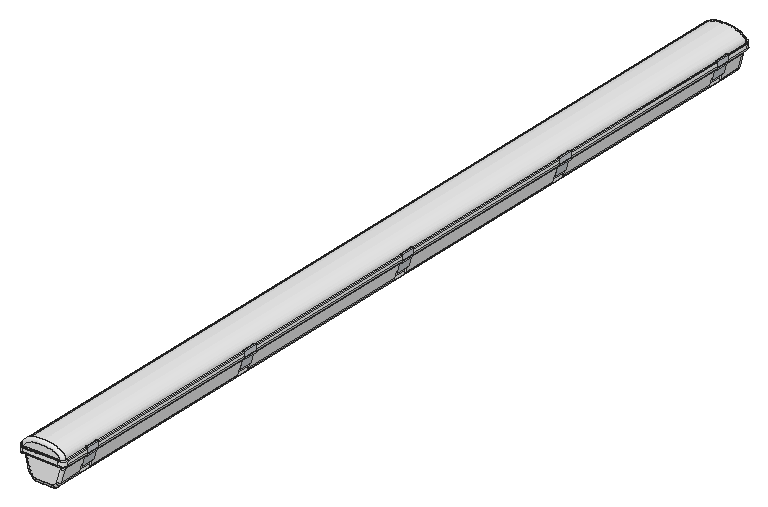
Revit family "0067959 Sylvania Lighting Fixture START Waterproof Single 1500 IP65 DALI 4000lm 840", category Lighting Fixtures, host Face, Revit 2016
Family settings
  Host = Face
  Part Type = Normal
  Round Connector Dimension = Use Diameter
  OmniClass Number = 23.80.70.11.14
  OmniClass Title = General Luminaries, Directional
  Cut with Voids When Loaded = No
  Light Source = Yes
  Shared = No
  Room Calculation Point = No
Parameters (values of type "0067959 ST WTRPRF S 1500 IP65 DALI 4000LM 840")
  Width = 84 mm
  Weight = "kg"
  Wattage Comments = "n/a"
  Wattage = 33 W
  WarrantyStartDate [instance] = "n/a"
  WarrantyGuarantorParts = "n/a"
  WarrantyDurationUnit = "n/a"
  WarrantyDurationParts = "n/a"
  WarrantyDescription = "n/a"
  built-in parameter 1150110 = 1 (stored number, unit not read)
  Voltage = 0 V
  URL = "http://www.sylvania-lighting.com"
  TypeName = "START Waterproof Single 1500 IP65 DALI 4000lm 840"
  Type Image = <None>
  Type Comments = "n/a"
  built-in parameter 1114217 = 1 (stored number, unit not read)
  Tilt Angle = -90.00°
  built-in parameter 1150109 = 1 (stored number, unit not read)
  built-in parameter 1150134 = 12
  built-in parameter 1150113 = 1 (stored number, unit not read)
  SerialNumber [instance] = "n/a"
  ReflectorMaterial = none
  PowerFactor = 0
  PowerConsumption = "33 W"
  Photometric Web File = "0067959.ies"
  NominalWidth = 0 mm
  NominalLength = 1578 mm
  NominalHeight = 75 mm
  Name = "START Waterproof Single 1500 IP65 DALI 4000lm 840"
  ModelReference = "START Waterproof Single 1500 IP65 DALI 4000lm 840"
  ModelNumber = "0067959"
  Model = "START Waterproof Single 1500 IP65 DALI 4000lm 840"
  Material = "polycarbonate housing, polycarbonate diffuser"
  ManufacturerName = "Feilo Sylvania"
  Manufacturer = "Feilo Sylvania"
  LuminousEfficacy = "119 lm/W"
  built-in parameter 1150105 = 312.5 (stored number, unit not read)
  Lumens = 3927 lm
  LuminaireType = ""
  built-in parameter 1150115 = 1 (stored number, unit not read)
  LightOutputRatio = "n/a"
  built-in parameter 1150137 = (empty or 0)
  built-in parameter 1150139 = (empty or 0)
  Length = 1572 mm
  LampsType = Lamp  # "LED"
  LampNominalLuminous = "3950 lm"
  LampMacAdamStep = "n/a"
  LampColourTemperature = "4000 K"
  LampColourRenderingIndex = "80"
  built-in parameter 1150112 = 1 (stored number, unit not read)
  built-in parameter 1150114 = 1 (stored number, unit not read)
  Lamp = "LED"
  Keynote = "16500"
  InstallationDate [instance] = "n/a"
  InputVoltage = "n/a"
  InputNominalFrequency = "n/a"
  built-in parameter 1150132 = (empty or 0)
  built-in parameter 1150102 = (empty or 0)
  built-in parameter 1150107 = 4000 (stored number, unit not read)
  built-in parameter 1150138 = (empty or 0)
  IngressProtection = "IP65"
  ImpactProtectionIndex = "IK08"
  built-in parameter 1150106 = 3.125 (stored number, unit not read)
  IfcExportType = "IfcLightFixtureType"
  IfcExportAs = "IfcLightFixtureType"
  ExpectedLife = 50000
  Emit from Rectangle Width = Width - 20 mm  # 64 mm
  Emit from Rectangle Length = Length - 20 mm  # 1552 mm
  Emit Shape Visible in Rendering = no
  ElectricShockClassification = "Class I"
  built-in parameter 1150104 = 11.055 (stored number, unit not read)
  DurationUnit = "hours"
  DocumentationLiterature = "http://www.sylvania-lighting.com/product/en-int/products/0067959"
  DimmingControlOptions = "n/a"
  Dimming Lamp Color Temperature Shift = <None>
  DiffuserMaterial = Diffuser-Sylvania-Transparent
  Description = ""
  Default Elevation = 1219.2 mm
  CreatedOn = "11/27/2018"
  CreatedBy = "@sylvania-lighting.com"
  Cost = 0
  Color Filter = 16777215
  built-in parameter 1114216 [instance] = (empty or 0)
  ClassificationValue = "EF_70_80"
  ClassificationName = "Uniclass2015"
  BodyMaterial = Body-Sylvania-Gray
  BarCode [instance] = "n/a"
  built-in parameter 1114218 = 1 (stored number, unit not read)
  built-in parameter 1150133 = 10 (stored number, unit not read)
  AssetType = "Fixed"
  AssetIdentifier [instance] = "n/a"
  Assembly Code = "D5020200"
  Apparent Load = 33 VA
  AccessoryMaterial = Diffuser-Sylvania-Glow
Reference planes
  plane 1 "Center (Front/Back)": y = 0
  plane 2: z = 0
  plane 3 "Center (Left/Right)": x = 0
  plane 4: z = 54
  plane 5: x = -14.7
  plane 6: x = -21.8
  plane 7: x = -26.6
  plane 8: x = -29.2
  plane 9: z = 3
  plane 10: z = 7.8
  plane 11: z = 12.3
  plane 12: z = 36.6
  plane 13: z = 42.8
  plane 14: x = -38.1
  plane 15: z = 46.2
  plane 16: x = -42
  plane 17: y = 786
  plane 18: y = -786
  plane 19: x = 14.7
  plane 20: x = 21.8
  plane 21: x = 26.6
  plane 22: x = 29.2
  plane 23: x = 38.1
  plane 24: x = 42
  plane 25: y = 778.4
  plane 26: y = -778.4
  plane 27: y = -774.7
  plane 28: y = 774.7
  plane 29: z = 74
  plane 30: x = -38.5
  plane 31: x = 38.5
  plane 32: z = 55.2
  plane 33: y = -782.5
  plane 34: y = 782.5
  plane 35: x = -24.5
  plane 36: x = 24.5
  plane 37: x = -35.7
  plane 38: x = 35.7
  plane 39: z = 50.2
  plane 40: z = 24.6
  plane 41: y = -720
  plane 42: y = -734
  plane 43: y = -706
  plane 44: y = 720
  plane 45: y = -720
  plane 46: y = -734
  plane 47: y = -706
  plane 48: y = 720
  plane 49: y = 706
  plane 50: y = 734
  plane 51: y = -360
  plane 52: y = -374
  plane 53: y = -346
  plane 54: y = 0
  plane 55: y = -14
  plane 56: y = 14
  plane 57: y = 360
  plane 58: y = 346
  plane 59: y = 374
Forms (mm)
  Sweep 1, solid, material "Body-Sylvania-Gray" <- "BodyMaterial", detail levels medium+fine
    path origin (1223.4, -4572, 54) x (0, -1, 0) y (1, 0, 0)
      loop
        arc (-3796, -1265.4) -> (-3788.929, -1262.471) -> (-3786, -1255.4) r 10
        line (-3786, -1255.4) -> (-3786, -1191.4)
        arc (-3786, -1191.4) -> (-3788.929, -1184.329) -> (-3796, -1181.4) r 10
        line (-3796, -1181.4) -> (-5348, -1181.4)
        arc (-5348, -1181.4) -> (-5355.071, -1184.329) -> (-5358, -1191.4) r 10
        line (-5358, -1191.4) -> (-5358, -1255.4)
        arc (-5358, -1255.4) -> (-5355.071, -1262.471) -> (-5348, -1265.4) r 10
        line (-5348, -1265.4) -> (-3796, -1265.4)
    profile origin (-42, 0, 54) x (-1, 0, 0) y (0, 0, 1)
      loop
        line (0, 0) -> (-1, 0) -> (-1, -7.726)
        arc (-1, -7.726) -> (-1.994, -9.498) -> (-3.9, -10.2) r 2.937
        line (-3.9, -10.2) -> (-8.571, -10.2) -> (-8.571, -11.2) -> (-3.9, -11.2)
        arc (-3.9, -11.2) -> (-1.313, -10.231) -> (0, -7.8) r 3.937
        line (0, -7.8) -> (0, 0)
  Sweep 2, solid, material "Body-Sylvania-Gray" <- "BodyMaterial", detail levels medium+fine
    path origin (0, 0, 0) x (1, 0, 0) y (0, 0, 1)
      loop
        line (35.7, 42.8) -> (35.7, 36.6) -> (29.203, 12.31)
        arc (29.203, 12.31) -> (28.199, 9.884) -> (26.6, 7.8) r 10.052
        line (26.6, 7.8) -> (21.8, 3)
        arc (21.8, 3) -> (18.554, 0.781) -> (14.7, 0) r 9.902
        line (14.7, 0) -> (0, 0) -> (-14.7, 0)
        arc (-14.7, 0) -> (-18.554, 0.781) -> (-21.8, 3) r 9.902
        line (-21.8, 3) -> (-26.6, 7.8)
        arc (-26.6, 7.8) -> (-28.199, 9.884) -> (-29.203, 12.31) r 10.052
        line (-29.203, 12.31) -> (-35.7, 36.6) -> (-35.7, 42.8)
    profile origin (0, 0, 0) x (0, 0, -1) y (0, -1, 0)
      loop
        arc (0, 773.4) -> (-1.464, 776.936) -> (-5, 778.4) r 5
        line (-5, 778.4) -> (-7.8, 778.4) -> (-7.8, -778.4) -> (-5, -778.4)
        arc (-5, -778.4) -> (-1.464, -776.936) -> (0, -773.4) r 5
        line (0, -773.4) -> (0, 773.4)
  Extrusion 3, solid, material "Body-Sylvania-Gray" <- "BodyMaterial", detail levels medium+fine
    sketch origin (1524, 778.4, 1219.2) x (1, 0, 0) y (0, 0, 1)
      loop
        arc (-1545.668, -1204.874) -> (-1545.443, -1205.418) -> (-1545.085, -1205.885) r 2.252
        line (-1545.085, -1205.885) -> (-1540.231, -1210.738)
        arc (-1540.231, -1210.738) -> (-1539.534, -1211.227) -> (-1538.7, -1211.4) r 2.102
        line (-1538.7, -1211.4) -> (-1509.3, -1211.4)
        arc (-1509.3, -1211.4) -> (-1508.466, -1211.227) -> (-1507.769, -1210.738) r 2.102
        line (-1507.769, -1210.738) -> (-1502.915, -1205.885)
        arc (-1502.915, -1205.885) -> (-1502.557, -1205.418) -> (-1502.332, -1204.874) r 2.252
        line (-1502.332, -1204.874) -> (-1496.1, -1181.575) -> (-1496.1, -1176.4) -> (-1551.9, -1176.4) -> (-1551.9, -1181.575) -> (-1545.668, -1204.874)
    from 0 to 1556.8
  Sweep 4, solid, material "Diffuser-Sylvania-Transparent" <- "DiffuserMaterial", detail levels medium+fine
    path origin (0, 0, 0) x (1, 0, 0) y (0, 0, 1)
      loop
        spline (-38.5, 55.2) -> (-37.188, 60.066) -> (-33.342, 64.6) -> (-27.224, 68.494) -> (-19.25, 71.481) -> (-9.965, 73.359) -> (0, 74) -> (9.965, 73.359) -> (19.25, 71.481) -> (27.224, 68.494) -> (33.342, 64.6) -> (37.188, 60.066) -> (38.5, 55.2)
    profile origin (38.5, 0, 55.2) x (0, -1, 0) y (1, 0, 0)
      loop
        arc (782.5, -5.5) -> (780.889, -1.611) -> (777, 0) r 5.5
        line (777, 0) -> (-777, 0)
        arc (-777, 0) -> (-780.889, -1.611) -> (-782.5, -5.5) r 5.5
        line (-782.5, -5.5) -> (-782.5, -6.3) -> (-781.5, -6.3) -> (-781.5, -5.5)
        arc (-781.5, -5.5) -> (-780.182, -2.318) -> (-777, -1) r 4.5
        line (-777, -1) -> (777, -1)
        arc (777, -1) -> (780.182, -2.318) -> (781.5, -5.5) r 4.5
        line (781.5, -5.5) -> (781.5, -6.347) -> (782.5, -6.347) -> (782.5, -5.5)
  Extrusion 5, solid, material "Diffuser-Sylvania-Transparent" <- "DiffuserMaterial", detail levels medium+fine
    sketch origin (1524, -782.5, 1219.2) x (1, 0, 0) y (0, 0, 1)
      loop
        line (-1556.653, -1164) -> (-1491.347, -1164)
        spline (-1491.347, -1164) -> (-1491.939, -1161.945) -> (-1494.434, -1159.066) -> (-1499.342, -1155.96) -> (-1506.338, -1153.35) -> (-1514.799, -1151.648) -> (-1524, -1151.047) -> (-1533.201, -1151.648) -> (-1541.662, -1153.35) -> (-1548.658, -1155.96) -> (-1553.566, -1159.066) -> (-1556.061, -1161.945) -> (-1556.653, -1164)
    from 0 to -1
  Extrusion 6, solid, material "Diffuser-Sylvania-Transparent" <- "DiffuserMaterial", detail levels medium+fine
    sketch origin (1524, 782.5, 1219.2) x (1, 0, 0) y (0, 0, 1)
      loop
        spline (-1491.3, -1164) -> (-1491.898, -1161.922) -> (-1494.404, -1159.03) -> (-1499.322, -1155.918) -> (-1506.325, -1153.305) -> (-1514.793, -1151.602) -> (-1524, -1151) -> (-1533.207, -1151.602) -> (-1541.675, -1153.305) -> (-1548.678, -1155.918) -> (-1553.596, -1159.03) -> (-1556.102, -1161.922) -> (-1556.7, -1164)
        line (-1556.7, -1164) -> (-1491.3, -1164)
    from 0 to 1
  Extrusion 7, solid, material "Diffuser-Sylvania-Glow" <- "AccessoryMaterial", detail levels fine
    sketch origin (0, 0, 0) x (1, 0, 0) y (0, 0, 1)
      loop
        circle (0, 50.2) r 8
    from -774.7 to 774.7
  Extrusion 8, void
    sketch origin (0, -720, 2343.807) x (0, 0, -1) y (-1, 0, 0)
      loop
        line (2340.807, -24.5) -> (2331.507, -24.5) -> (2319.207, -29.2) -> (2319.207, -35.7) -> (2340.807, -35.7) -> (2340.807, -24.5)
      loop
        line (2340.807, 24.5) -> (2340.807, 35.7) -> (2319.207, 35.7) -> (2319.207, 29.2) -> (2331.507, 24.5) -> (2340.807, 24.5)
    from 14 to -14
  Extrusion 9, void, not visible
    sketch origin (0, -720, 2343.807) x (0, 0, -1) y (-1, 0, 0)
      loop
        line (2340.807, -24.5) -> (2331.507, -24.5) -> (2319.207, -29.2) -> (2319.207, -35.7) -> (2340.807, -35.7) -> (2340.807, -24.5)
      loop
        line (2340.807, 24.5) -> (2340.807, 35.7) -> (2319.207, 35.7) -> (2319.207, 29.2) -> (2331.507, 24.5) -> (2340.807, 24.5)
    from 14 to -14
  Extrusion 10, void
    sketch origin (0, 720, 2343.807) x (0, 0, -1) y (-1, 0, 0)
      loop
        line (2340.807, -24.5) -> (2331.507, -24.5) -> (2319.207, -29.2) -> (2319.207, -35.7) -> (2340.807, -35.7) -> (2340.807, -24.5)
      loop
        line (2340.807, 24.5) -> (2340.807, 35.7) -> (2319.207, 35.7) -> (2319.207, 29.2) -> (2331.507, 24.5) -> (2340.807, 24.5)
    from 14 to -14
  Extrusion 11, void
    sketch origin (0, -360, 2343.807) x (0, 0, -1) y (-1, 0, 0)
      loop
        line (2340.807, -24.5) -> (2331.507, -24.5) -> (2319.207, -29.2) -> (2319.207, -35.7) -> (2340.807, -35.7) -> (2340.807, -24.5)
      loop
        line (2340.807, 24.5) -> (2340.807, 35.7) -> (2319.207, 35.7) -> (2319.207, 29.2) -> (2331.507, 24.5) -> (2340.807, 24.5)
    from 14 to -14
  Extrusion 12, void
    sketch origin (0, 0, 2343.807) x (0, 0, -1) y (-1, 0, 0)
      loop
        line (2340.807, -24.5) -> (2331.507, -24.5) -> (2319.207, -29.2) -> (2319.207, -35.7) -> (2340.807, -35.7) -> (2340.807, -24.5)
      loop
        line (2340.807, 24.5) -> (2340.807, 35.7) -> (2319.207, 35.7) -> (2319.207, 29.2) -> (2331.507, 24.5) -> (2340.807, 24.5)
    from 14 to -14
  Extrusion 13, void
    sketch origin (0, 360, 2343.807) x (0, 0, -1) y (-1, 0, 0)
      loop
        line (2340.807, -24.5) -> (2331.507, -24.5) -> (2319.207, -29.2) -> (2319.207, -35.7) -> (2340.807, -35.7) -> (2340.807, -24.5)
      loop
        line (2340.807, 24.5) -> (2340.807, 35.7) -> (2319.207, 35.7) -> (2319.207, 29.2) -> (2331.507, 24.5) -> (2340.807, 24.5)
    from 14 to -14
  Extrusion 14, solid, material "Diffuser-Sylvania-Transparent" <- "DiffuserMaterial", detail levels medium+fine
    sketch origin (1223.4, -4572, 54) x (0, -1, 0) y (-1, 0, 0)
      loop
        arc (-5348, 1265.4) -> (-5355.071, 1262.471) -> (-5358, 1255.4) r 10
        line (-5358, 1255.4) -> (-5358, 1191.4)
        arc (-5358, 1191.4) -> (-5355.071, 1184.329) -> (-5348, 1181.4) r 10
        line (-5348, 1181.4) -> (-3796, 1181.4)
        arc (-3796, 1181.4) -> (-3788.929, 1184.329) -> (-3786, 1191.4) r 10
        line (-3786, 1191.4) -> (-3786, 1255.4)
        arc (-3786, 1255.4) -> (-3788.929, 1262.471) -> (-3796, 1265.4) r 10
        line (-3796, 1265.4) -> (-5348, 1265.4)
      loop
        arc (-5354.5, 1190.394) -> (-5352.887, 1186.509) -> (-5349, 1184.9) r 5.5
        line (-5349, 1184.9) -> (-3795, 1184.9)
        arc (-3795, 1184.9) -> (-3791.113, 1186.509) -> (-3789.5, 1190.394) r 5.5
        line (-3789.5, 1190.394) -> (-3789.5, 1256.406)
        arc (-3789.5, 1256.406) -> (-3791.113, 1260.291) -> (-3795, 1261.9) r 5.5
        line (-3795, 1261.9) -> (-5349, 1261.9)
        arc (-5349, 1261.9) -> (-5352.887, 1260.291) -> (-5354.5, 1256.406) r 5.5
        line (-5354.5, 1256.406) -> (-5354.5, 1190.394)
    from 0 to -1.2
  Extrusion 15, solid, material "Body-Sylvania-Gray" <- "BodyMaterial", detail levels coarse
    sketch origin (0, 0, 0) x (1, 0, 0) y (0, 0, 1)
      loop
        line (-42, 55.2) -> (-42, 42.8) -> (-26.6, 0) -> (26.6, 0) -> (42, 42.8) -> (42, 55.2) -> (-42, 55.2)
    from -786 to 786
  Extrusion 16, solid, material "Diffuser-Sylvania-Transparent" <- "DiffuserMaterial", detail levels coarse
    sketch origin (0, 0, 0) x (1, 0, 0) y (0, 0, 1)
      loop
        line (-38.5, 55.2) -> (38.5, 55.2)
        arc (38.5, 55.2) -> (0, 74) -> (-38.5, 55.2) r 48.822
    from -778.4 to 778.4
Cuts and joins
  Extrusion 8, Extrusion 10, Extrusion 11, Extrusion 12, Extrusion 13 cuts Sweep 2
  Extrusion 8, Extrusion 10, Extrusion 11, Extrusion 12, Extrusion 13 cuts Extrusion 3
  joined: Sweep 2, Extrusion 3
  joined: Sweep 4, Extrusion 5, Extrusion 6, Extrusion 14
Dimensions and locks
  locked: plane 4 to plane 2 at 54
  plane 5 to plane 6 to plane 7 to plane 8 to plane 14 to plane 16 = 7.1 mm locked, 4.8 mm locked, 2.6 mm locked, 8.9 mm locked, 3.9 mm locked
  plane 4 to plane 15 to plane 13 to plane 12 to plane 11 to plane 10 to plane 9 = 7.8 mm locked, 3.4 mm, 6.2 mm locked, 24.3 mm locked, 4.5 mm locked, 4.8 mm locked
  equal spacing: plane 18, plane 1 "Center (Front/Back)", plane 17
  "Length": plane 18 to plane 17
  plane 19 to plane 20 to plane 21 to plane 22 to plane 23 to plane 24 = 7.1 mm locked, 4.8 mm locked, 2.6 mm locked, 8.9 mm, 3.9 mm
  equal spacing: plane 24, plane 3 "Center (Left/Right)", plane 16
  "Width": plane 24 to plane 16
  equal spacing: plane 27, plane 1 "Center (Front/Back)", plane 28
  locked: plane 26 to plane 27 at 3.7
  locked: Sweep 1 sketch curve to profile plane at 1
  locked: Sweep 1 sketch curve to plane 13 at 1
  locked: Sweep 1 sketch curve to plane 13 at 3.937  (x2)
  locked: Sweep 1 sketch curve to profile plane at 3.9  (x2)
  plane 29 to plane 4 = 20 mm
  equal spacing: plane 31, plane 3 "Center (Left/Right)", plane 30
  locked: plane 30 to plane 16 at 3.5
  locked: plane 32 to plane 4 at 1.2
  equal spacing: plane 33, plane 1 "Center (Front/Back)", plane 34
  equal spacing: plane 36, plane 3 "Center (Left/Right)", plane 35
  locked: plane 34 to plane 17 at 3.5
  equal spacing: plane 38, plane 3 "Center (Left/Right)", plane 37
  locked: plane 37 to plane 16 at 6.3
  equal spacing: plane 25, plane 1 "Center (Front/Back)", plane 26
  locked: plane 17 to plane 25 at 7.6
  locked: Sweep 2 sketch curve to plane 2 at 5  (x2)
  locked: Sweep 2 sketch curve to plane 26 at 5
  locked: plane 25 to Sweep 2 sketch curve at 5
  locked: Sweep 4 sketch curve to plane 31 at 5.5  (x2)
  locked: Sweep 4 sketch curve to plane 34 at 5.5
  plane 33 to Sweep 4 sketch curve = 5.5 mm
  locked: plane 34 to Sweep 4 sketch curve at 1
  locked: Sweep 4 sketch curve to plane 31 at 1
  locked: Sweep 4 sketch curve to Sweep 4 sketch curve at 1
  locked: Sweep 4 sketch curve to plane 31 at 6.347
  locked: Sweep 4 sketch curve to plane 31 at 6.3
  locked: plane 40 to plane 2 at 24.6
  locked: plane 6 to plane 35 at 2.7
  locked: plane 1 "Center (Front/Back)" to plane 41 at 720
  plane 43 to plane 41 to plane 42 = 14 mm locked, 14 mm locked
  locked: plane 44 to plane 1 "Center (Front/Back)" at 720
  plane 47 to plane 45 to plane 46 = 14 mm locked, 14 mm locked
  plane 50 to plane 48 to plane 49 = 14 mm locked, 14 mm locked  (x2)
  equal spacing: group 1, group 6, group 7, group 8, group 5  (x3)
  plane 53 to plane 51 to plane 52 = 14 mm locked, 14 mm locked  (x2)
  plane 56 to plane 54 to plane 55 = 14 mm locked, 14 mm locked  (x2)
  plane 59 to plane 57 to plane 58 = 14 mm locked, 14 mm locked  (x2)
  plane 48 to plane 57 to plane 1 "Center (Front/Back)" to plane 51 to plane 41 = 360 mm locked, 360 mm locked, 360 mm locked, 360 mm locked
  aligned and locked: plane 2 to host face
  aligned and locked: level to host face
  aligned and locked: plane 16 to Sweep 1 sketch curve
  aligned and locked: Sweep 1 sketch curve to plane 24
  aligned and locked: plane 18 to Sweep 1 sketch curve
  aligned and locked: Sweep 1 sketch curve to plane 13
  aligned and locked: profile plane to Sweep 1 sketch curve
  aligned and locked: plane 3 "Center (Left/Right)" to Sweep 2 sketch curve
  aligned and locked: plane 9 to Sweep 2 sketch curve
  aligned and locked: plane 10 to Sweep 2 sketch curve
  aligned and locked: plane 37 to Sweep 2 sketch curve
  aligned and locked: plane 12 to Sweep 2 sketch curve
  aligned and locked: Sweep 2 sketch curve to level
  aligned and locked: plane 21 to Sweep 2 sketch curve
  aligned and locked: plane 38 to Sweep 2 sketch curve
  aligned and locked: profile plane to Sweep 2 sketch curve
  aligned and locked: plane 25 to Sweep 2 sketch curve
  aligned and locked: Sweep 2 sketch curve to plane 10
  aligned and locked: Extrusion 3 sketch curve to Sweep 2  (x7)
  aligned and locked: Sweep 2 to Extrusion 3 sketch curve
  aligned and locked: Extrusion 3 to plane 25
  aligned and locked: plane 26 to Extrusion 3
  aligned and locked: plane 32 to Sweep 4 sketch curve
  aligned and locked: plane 33 to Sweep 4 sketch curve
  aligned and locked: Sweep 4 to Extrusion 5
  aligned and locked: plane 33 to Extrusion 5
  aligned and locked: plane 39 to Extrusion 7 sketch curve
  aligned and locked: plane 27 to Extrusion 7
  aligned and locked: Extrusion 7 to plane 28
  aligned and locked: Extrusion 6 sketch curve to Sweep 4
  aligned and locked: Extrusion 5 sketch curve to Sweep 4
  aligned and locked: Extrusion 8 to plane 43
  aligned and locked: plane 42 to Extrusion 8
  aligned and locked: Extrusion 10 to plane 50
  aligned and locked: plane 49 to Extrusion 10
  aligned and locked: Extrusion 11 to plane 53
  aligned and locked: plane 52 to Extrusion 11
  aligned and locked: Extrusion 12 to plane 56
  aligned and locked: plane 55 to Extrusion 12
  aligned and locked: Extrusion 13 to plane 59
  aligned and locked: plane 58 to Extrusion 13
  aligned and locked: plane 3 "Center (Left/Right)" to Extrusion 7 sketch curve
  aligned and locked: Extrusion 14 sketch curve to Sweep 1  (x4)
  aligned and locked: Extrusion 14 to plane 32
  aligned and locked: plane 4 to Extrusion 14
  aligned and locked: plane 48 to nested 1
  aligned and locked: plane 57 to nested 2
  aligned and locked: plane 54 to nested 3
  aligned and locked: nested 4 to plane 51
  aligned and locked: nested 5 to plane 41
  aligned and locked: plane 41 to nested 10
  aligned and locked: plane 51 to nested 9
  aligned and locked: plane 54 to nested 8
  aligned and locked: plane 57 to nested 7
  aligned and locked: plane 48 to nested 6
  aligned and locked: plane 1 "Center (Front/Back)" to imposter light
  aligned and locked: plane 3 "Center (Left/Right)" to imposter light
  aligned and locked: imposter light to plane 29
  aligned and locked: plane 7 to Extrusion 15 sketch curve
  aligned and locked: plane 2 to Extrusion 15 sketch curve
  aligned and locked: Extrusion 15 sketch curve to nested 6
  aligned and locked: Extrusion 15 sketch curve to nested 1
  aligned and locked: plane 18 to Extrusion 15
  aligned and locked: Extrusion 15 to plane 17
  aligned and locked: Extrusion 15 to Sweep 1  (x2)
  aligned and locked: plane 30 to Extrusion 16 sketch curve
  aligned and locked: plane 31 to Extrusion 16 sketch curve
  aligned and locked: Extrusion 16 sketch curve to cut or joined group of Sweep 4, Extrusion 5, Extrusion 6, Extrusion 14
  aligned and locked: Extrusion 16 to plane 25
  aligned and locked: plane 26 to Extrusion 16
Automatic sketch dimensions
  host sketch curve to host sketch curve = 2438.4 mm  (x2)
  plane 17 to Sweep 1 sketch curve = 0 mm
  Sweep 1 sketch curve to plane 28 = 1.3 mm
  Sweep 1 sketch curve to plane 7 = 5.4 mm
  plane 27 to Sweep 1 sketch curve = 1.3 mm  (x2)
  Sweep 1 sketch curve to Sweep 1 sketch curve = 4.671 mm
  Sweep 1 sketch curve to plane 4 = 0 mm
  Sweep 2 sketch curve to plane 7 = 0 mm
  Sweep 2 sketch curve to plane 6 = 0 mm
  Sweep 2 sketch curve to plane 5 = 0 mm
  plane 19 to Sweep 2 sketch curve = 0 mm
  Sweep 2 sketch curve to plane 9 = 0 mm
  plane 20 to Sweep 2 sketch curve = 0 mm
  Sweep 2 sketch curve to plane 12 = 0 mm
  Sweep 2 sketch curve to plane 10 = 0 mm
  Sweep 2 sketch curve to plane 13 = 0 mm  (x2)
  Sweep 2 sketch curve to plane 8 = 0.003 mm
  plane 6 to Sweep 2 sketch curve = 2.308 mm
  plane 20 to Sweep 2 sketch curve = 2.308 mm
  Sweep 2 sketch curve to plane 22 = 0.003 mm
  Sweep 2 sketch curve to plane 11 = 0.01 mm  (x2)
  Extrusion 3 sketch curve to plane 5 = 0 mm
  plane 19 to Extrusion 3 sketch curve = 0 mm
  plane 6 to Extrusion 3 sketch curve = 0.132 mm
  plane 6 to Extrusion 3 sketch curve = 0.715 mm
  Extrusion 3 sketch curve to Extrusion 3 sketch curve = 1.592 mm
  Extrusion 3 sketch curve to plane 10 = 0.662 mm  (x2)
  plane 20 to Extrusion 3 sketch curve = 2.308 mm
  plane 20 to Extrusion 3 sketch curve = 0.715 mm
  plane 20 to Extrusion 3 sketch curve = 0.132 mm
  Sweep 4 sketch curve to plane 30 = 0 mm
  Sweep 4 sketch curve to plane 3 "Center (Left/Right)" = 0 mm
  Sweep 4 sketch curve to Sweep 4 sketch curve = 0 mm  (x2)
  plane 37 to Extrusion 6 sketch curve = 3 mm
  Extrusion 6 sketch curve to plane 38 = 3 mm
  plane 37 to Extrusion 5 sketch curve = 3.047 mm
  Extrusion 5 sketch curve to plane 38 = 3.047 mm
  Extrusion 8 sketch curve to Extrusion 8 sketch curve = 0 mm
  Extrusion 8 sketch curve to Extrusion 8 sketch curve = 12.3 mm  (x2)
  Extrusion 8 sketch curve to Extrusion 8 sketch curve = 9.3 mm  (x2)
  Extrusion 8 sketch curve to Extrusion 8 sketch curve = 6.5 mm  (x2)
  Extrusion 8 sketch curve to Extrusion 8 sketch curve = 4.7 mm  (x2)
  Extrusion 8 sketch curve to Extrusion 8 sketch curve = 49 mm
  Extrusion 9 sketch curve to Extrusion 9 sketch curve = 0 mm
  Extrusion 9 sketch curve to Extrusion 9 sketch curve = 12.3 mm  (x2)
  Extrusion 9 sketch curve to Extrusion 9 sketch curve = 9.3 mm  (x2)
  Extrusion 9 sketch curve to Extrusion 9 sketch curve = 6.5 mm  (x2)
  Extrusion 9 sketch curve to Extrusion 9 sketch curve = 4.7 mm  (x2)
  Extrusion 9 sketch curve to Extrusion 9 sketch curve = 49 mm
  Extrusion 10 sketch curve to Extrusion 10 sketch curve = 0 mm
  Extrusion 10 sketch curve to Extrusion 10 sketch curve = 12.3 mm  (x2)
  Extrusion 10 sketch curve to Extrusion 10 sketch curve = 9.3 mm  (x2)
  Extrusion 10 sketch curve to Extrusion 10 sketch curve = 6.5 mm  (x2)
  Extrusion 10 sketch curve to Extrusion 10 sketch curve = 4.7 mm  (x2)
  Extrusion 10 sketch curve to Extrusion 10 sketch curve = 49 mm
  Extrusion 11 sketch curve to Extrusion 11 sketch curve = 0 mm
  Extrusion 11 sketch curve to Extrusion 11 sketch curve = 12.3 mm  (x2)
  Extrusion 11 sketch curve to Extrusion 11 sketch curve = 9.3 mm  (x2)
  Extrusion 11 sketch curve to Extrusion 11 sketch curve = 6.5 mm  (x2)
  Extrusion 11 sketch curve to Extrusion 11 sketch curve = 4.7 mm  (x2)
  Extrusion 11 sketch curve to Extrusion 11 sketch curve = 49 mm
  Extrusion 12 sketch curve to Extrusion 12 sketch curve = 0 mm
  Extrusion 12 sketch curve to Extrusion 12 sketch curve = 12.3 mm  (x2)
  Extrusion 12 sketch curve to Extrusion 12 sketch curve = 9.3 mm  (x2)
  Extrusion 12 sketch curve to Extrusion 12 sketch curve = 6.5 mm  (x2)
  Extrusion 12 sketch curve to Extrusion 12 sketch curve = 4.7 mm  (x2)
  Extrusion 12 sketch curve to Extrusion 12 sketch curve = 49 mm
  Extrusion 13 sketch curve to Extrusion 13 sketch curve = 0 mm
  Extrusion 13 sketch curve to Extrusion 13 sketch curve = 12.3 mm  (x2)
  Extrusion 13 sketch curve to Extrusion 13 sketch curve = 9.3 mm  (x2)
  Extrusion 13 sketch curve to Extrusion 13 sketch curve = 6.5 mm  (x2)
  Extrusion 13 sketch curve to Extrusion 13 sketch curve = 4.7 mm  (x2)
  Extrusion 13 sketch curve to Extrusion 13 sketch curve = 49 mm
  Extrusion 14 sketch curve to plane 34 = 0 mm
  plane 30 to Extrusion 14 sketch curve = 0 mm
  Extrusion 14 sketch curve to plane 31 = 0 mm
  plane 33 to Extrusion 14 sketch curve = 0 mm
  plane 25 to Extrusion 14 sketch curve = 1.4 mm  (x4)
  Extrusion 14 sketch curve to plane 26 = 1.4 mm  (x4)
  plane 37 to Extrusion 14 sketch curve = 2.694 mm  (x2)
  Extrusion 14 sketch curve to plane 38 = 2.694 mm  (x2)
  plane 21 to Extrusion 15 sketch curve = 0 mm
  Extrusion 15 sketch curve to plane 13 = 0 mm  (x2)
  Extrusion 15 sketch curve to plane 32 = 0 mm
  Extrusion 16 sketch curve to plane 40 = 0.578 mm
  radius of Extrusion 7 sketch curve = 8 mm
Nested families
  nested 1: "Clip" at (-29.2, 720, 24.6) x (-1, 0, 0) z (0, 0, 1), type "Clip", detail levels fine
  nested 2: "Clip" at (-29.2, 360, 24.6) x (-1, 0, 0) z (0, 0, 1), type "Clip", detail levels fine
  nested 3: "Clip" at (-29.2, 0, 24.6) x (-1, 0, 0) z (0, 0, 1), type "Clip", detail levels fine
  nested 4: "Clip" at (-29.2, -360, 24.6) x (-1, 0, 0) z (0, 0, 1), type "Clip", detail levels fine
  nested 5: "Clip" at (-29.2, -720, 24.6) x (-1, 0, 0) z (0, 0, 1), type "Clip", detail levels fine
  nested 6: "Clip" at (29.2, 720, 24.6), type "Clip", detail levels fine
  nested 7: "Clip" at (29.2, 360, 24.6), type "Clip", detail levels fine
  nested 8: "Clip" at (29.2, 0, 24.6), type "Clip", detail levels fine
  nested 9: "Clip" at (29.2, -360, 24.6), type "Clip", detail levels fine
  nested 10: "Clip" at (29.2, -720, 24.6), type "Clip", detail levels fine
Connectors
  electrical at (0, 0, 0), driven by "Apparent Load"
    settings: index 1, voltage 230 V, apparent load 33 VA, apparent load phase1 0 VA, apparent load phase2 0 VA, apparent load phase3 0 VA, power factor 0, load classification "Lighting", number of poles 1, system type 30, power factor state 1, is connector primary yes, connector utility no, sub classification motor no, connector description ""
Definition of nested family "Clip"
  Parameters (values of type "Clip")
    URL = "http://www.feilosylvania.com"
    Type Comments = "n/a"
    Model = "n/a"
    Manufacturer = "Feilo Sylvania"
    Keynote = "n/a"
    Description = "n/a"
    Default Elevation = 1219.2 mm
    Cost = 0
    BodyMaterial = none
    Assembly Code = "n/a"
  Reference planes
    plane 1 "Center (Front/Back)": y = 0
    plane 2: z = 0
    plane 3 "Center (Left/Right)": x = 0
    plane 4: x = 3.3
    plane 5: x = 6.5
    plane 6: x = 8.9
    plane 7: x = 12.8
    plane 8: z = 12
    plane 9: z = 18.2
    plane 10: z = 21.6
    plane 11: z = 30.6
    plane 12: x = 9.3
    plane 13: z = 19.2
    plane 14: z = 16.2
    plane 15: x = 10.1
    plane 16: y = 12
    plane 17: y = -12
  Forms (mm)
    Extrusion 1, solid
      sketch origin (-0.8, 0, 0) x (1, 0, 0) y (0, 1, 0)
        loop
          line (-1219.2, 1219.2) -> (-1219.2, -1219.2) -> (1219.2, -1219.2) -> (1219.2, 1219.2) -> (-1219.2, 1219.2)
      from 0 to -304.8
    Extrusion 2, solid
      sketch origin (0, 0, 0) x (1, 0, 0) y (0, 0, 1)
        loop
          line (8.9, 16.2) -> (4.58, 0) -> (0, 0) -> (0, -0.8) -> (5.195, -0.8) -> (9.603, 15.731) -> (13.6, 18.806) -> (13.6, 30.6)
          arc (13.6, 30.6) -> (11.45, 32.75) -> (9.3, 30.6) r 2.15
          line (9.3, 30.6) -> (10.1, 30.6)
          arc (10.1, 30.6) -> (11.45, 31.95) -> (12.8, 30.6) r 1.35
          line (12.8, 30.6) -> (12.8, 19.2) -> (8.9, 16.2)
      from -12 to 12
  Lines and regions (mm)
    reference lines
      curve 1: line (3.3, 0, 0) -> (6.5, 0, 12)
      curve 2: arc (8.9, 0, 18.2) -> (11.488, 0, 19.169) -> (12.8, 0, 21.6) r 3.934
  Dimensions and locks
    plane 7 to plane 6 to plane 5 to plane 4 to plane 3 "Center (Left/Right)" = 3.9 mm locked, 2.4 mm locked, 3.2 mm locked, 3.3 mm locked
    plane 11 to plane 10 to plane 9 to plane 8 to plane 2 = 9 mm locked, 3.4 mm locked, 6.2 mm locked, 12 mm locked
    locked: plane 7 to plane 12 at 3.5
    locked: plane 13 to plane 9 at 1
    locked: plane 9 to plane 14 at 2
    locked: plane 15 to plane 12 at 0.8
    locked: plane 2 to Extrusion 2 sketch curve at 0.8
    locked: Extrusion 2 sketch curve to Extrusion 2 sketch curve at 0.8  (x3)
    locked: plane 7 to Extrusion 2 sketch curve at 1.35
    equal spacing: plane 17, plane 1 "Center (Front/Back)", plane 16
    locked: plane 1 "Center (Front/Back)" to plane 16 at 12
    aligned and locked: plane 2 to Extrusion 1
    aligned and locked: level to Extrusion 1
    aligned and locked: plane 4 to curve 1
    aligned and locked: plane 5 to curve 1
    aligned and locked: plane 6 to curve 2
    aligned and locked: plane 10 to curve 2
    aligned and locked: plane 14 to Extrusion 2 sketch curve
    aligned and locked: plane 13 to Extrusion 2 sketch curve
    aligned and locked: plane 7 to Extrusion 2 sketch curve
    aligned and locked: plane 3 "Center (Left/Right)" to Extrusion 2 sketch curve
    aligned and locked: Extrusion 2 sketch curve to level
    aligned and locked: Extrusion 2 sketch curve to plane 11
    aligned and locked: plane 11 to Extrusion 2 sketch curve
    aligned and locked: Extrusion 2 to plane 16
    aligned and locked: plane 17 to Extrusion 2
  Automatic sketch dimensions
    Extrusion 1 sketch curve to Extrusion 1 sketch curve = 2438.4 mm  (x2)
    curve 2 to plane 7 = 0 mm
    curve 1 to level = 0 mm
    curve 1 to plane 8 = 0 mm
    curve 2 to plane 9 = 0 mm
    plane 6 to curve 2 = 0.002 mm
    Extrusion 2 sketch curve to Extrusion 2 sketch curve = 0 mm
    Extrusion 2 sketch curve to plane 6 = 0 mm
    plane 4 to Extrusion 2 sketch curve = 1.28 mm
